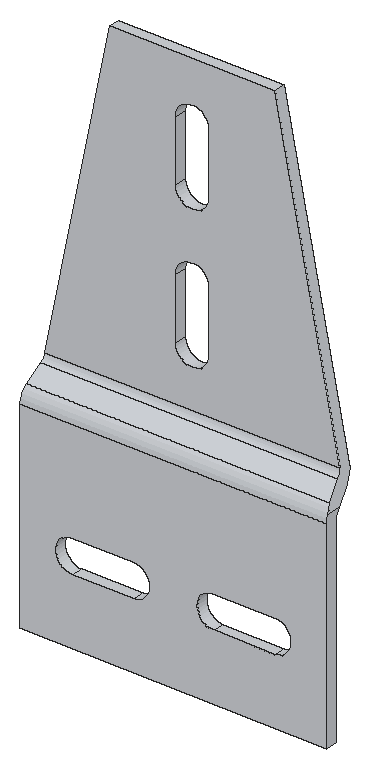
Revit family "CENTUM T-Lasche gekröpft sym", category HLS-Bauteile, Revit 2017
Family settings
  Bemaßung runder Anschluss = Durchmesser verwenden
  Teiletyp = Normal
  Arbeitsebenenbasiert = Ja
  Immer vertikal = Nein
  Beim Laden mit Abzugskörper schneiden = Nein
  Gemeinsam genutzt = Ja
  Raumberechnungspunkt = Nein
Parameters (values of type "CENTUM T-Lasche gekröpft sym.")
  vpe = "1 St"
  min. Rohraußendurchmesser = 0 mm
  max. Rohraußendurchmesser = 0 mm
  Winkel = ""
  Default Elevation = 1219.2 mm
  Stärke Material = 0 mm
  Sicherheitsfaktor = 1.54
  Regelhalter [instance] = ""
  Profiltyp = "XL 80+100 / XL 100+120"
  Profil = "CENTUM"
  Oberflaeche = "feuerstückverzinkt"
  Mengeneinheit = "St"
  Material = "Stahl"
  Länge Schenkel 2 = 0 mm
  Länge Schenkel 1 = 0 mm
  Lochdurchmesser = ""
  Langloch = "14x40 mm"
  Kurztext2 = "für Centum XL 80+100 / XL 100+120"
  Kurztext1 = "T-Lasche gekröpft"
  Gewinde = ""
  Gewicht pro Bauteil = Gewicht  # 1.08 kg
  Gewicht = 1.08 kg
  Firma = "MEFA Befestigungs- und Montagesysteme GmbH"
  Fabrikat = "MEFA"
  EAN = "4250928450470"
  Breite Material = ""
  Ausführung = ""
  Artikelnummer = "1640003030"
  Anzahl Befestigungsloch = ""
Reference planes
  plane 1 "Mitte (Vorne/hinten)": y = 0
  plane 2: z = 0
  plane 3 "Mitte (Links/rechts)": x = 0
Forms (mm)
  Extrusion 1, solid
    sketch origin (0, 4, 0) x (0, 1, 0) y (0, 0, 1)
      loop
        arc (1.008, 0) -> (1.257, 1.884) -> (2.19, 3.539) r 5
        line (2.19, 3.539) -> (8.084, 9.433)
        arc (8.084, 9.433) -> (10.192, 12.537) -> (11.008, 16.2) r 10
        line (11.008, 16.2) -> (11.008, 150) -> (6.008, 150) -> (6.008, 16.2)
        arc (6.008, 16.2) -> (5.576, 14.454) -> (4.553, 12.974) r 5
        line (4.553, 12.974) -> (-1.346, 7.075)
        arc (-1.346, 7.075) -> (-3.313, 3.932) -> (-4, 0.289) r 10
        line (-4, 0.289) -> (-4, -85) -> (1.008, -85) -> (1.008, 0)
    from -65 to 65
  Extrusion 2, void
    sketch origin (0, 0, 0) x (1, 0, 0) y (0, 0, 1)
      loop
        arc (43, -57) -> (50, -50) -> (43, -43) r 7
        line (43, -43) -> (17, -43)
        arc (17, -43) -> (10, -50) -> (17, -57) r 7
        line (17, -57) -> (43, -57)
      loop
        line (-43, -57) -> (-17, -57)
        arc (-17, -57) -> (-10, -50) -> (-17, -43) r 7
        line (-17, -43) -> (-43, -43)
        arc (-43, -43) -> (-50, -50) -> (-43, -57) r 7
      loop
        arc (-7, 99.5) -> (0, 92.5) -> (7, 99.5) r 7
        line (7, 99.5) -> (7, 125.5)
        arc (7, 125.5) -> (0, 132.5) -> (-7, 125.5) r 7
        line (-7, 125.5) -> (-7, 99.5)
      loop
        arc (-7, 39.5) -> (0, 32.5) -> (7, 39.5) r 7
        line (7, 39.5) -> (7, 65.5)
        arc (7, 65.5) -> (0, 72.5) -> (-7, 65.5) r 7
        line (-7, 65.5) -> (-7, 39.5)
    from -30 to 30
  Extrusion 3, void
    sketch origin (0, 0, 0) x (1, 0, 0) y (0, 0, 1)
      loop
        line (-35, 150) -> (35, 150) -> (65, 3.539) -> (68.497, 3.539) -> (68.497, 153.539) -> (-68.497, 153.539) -> (-68.497, 3.539) -> (-65, 3.539) -> (-35, 150)
    from -20 to 20
Cuts and joins
  Extrusion 2, Extrusion 3 cuts Extrusion 1
Dimensions and locks
  aligned and locked: level to plane 2
